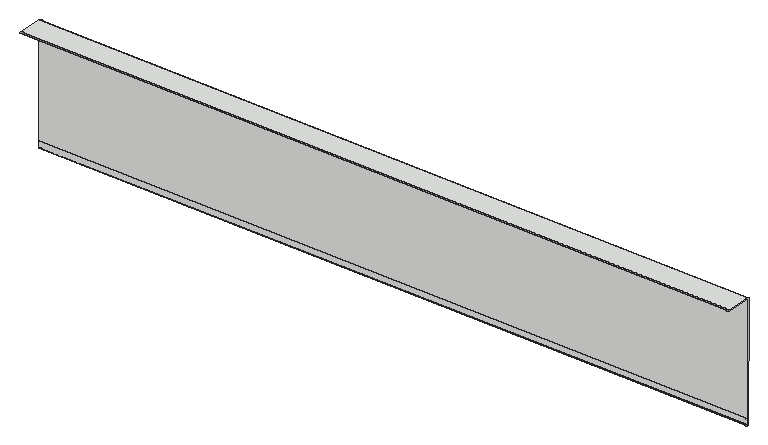
Revit family "profiles PR888 2015", category Generic Models, Revit 2015
Parameters (values of type "ISOLAMIN PR888 flashing")
  Profile Length [instance] = 1180 mm
Reference planes
  plane 1 "Center (Front/Back)": y = 0
  plane 2: z = 0
  plane 3 "Center (Left/Right)": x = 0
  plane 4: x = 1180
Forms (mm)
  Extrusion 1, solid, material "ISOLAMIN Surface Material"
    sketch origin (0, 82.501, -106.222) x (0, 1, 0) y (0, 0, 1)
      loop
        line (-82.487, 106.966) -> (-82.487, 295.522)
        arc (-82.487, 295.522) -> (-82.692, 296.017) -> (-83.187, 296.222) r 0.7
        line (-83.187, 296.222) -> (-121.743, 296.222)
        arc (-121.743, 296.222) -> (-122.487, 295.222) -> (-121.743, 294.222) r 1.044
        line (-121.743, 294.222) -> (-113.187, 294.222) -> (-113.187, 295.222) -> (-83.487, 295.222) -> (-83.487, 116.222) -> (-84.487, 116.222) -> (-84.487, 106.966)
        arc (-84.487, 106.966) -> (-83.487, 106.222) -> (-82.487, 106.966) r 1.044
    from 0 to 1180
Dimensions and locks
  "Profile Length": plane 3 "Center (Left/Right)" to plane 4
  aligned and locked: level to plane 2
  aligned and locked: plane 4 to Extrusion 1
Automatic sketch dimensions
  plane 1 "Center (Front/Back)" to Extrusion 1 sketch curve = 0.986 mm
  Extrusion 1 sketch curve to Extrusion 1 sketch curve = 1 mm  (x4)
  level to Extrusion 1 sketch curve = 0.744 mm
  Extrusion 1 sketch curve to Extrusion 1 sketch curve = 0.3 mm  (x4)
  Extrusion 1 sketch curve to Extrusion 1 sketch curve = 188.256 mm
  Extrusion 1 sketch curve to Extrusion 1 sketch curve = 8.956 mm
  Extrusion 1 sketch curve to Extrusion 1 sketch curve = 29.7 mm
  Extrusion 1 sketch curve to Extrusion 1 sketch curve = 8.556 mm
  Extrusion 1 sketch curve to Extrusion 1 sketch curve = 0 mm
